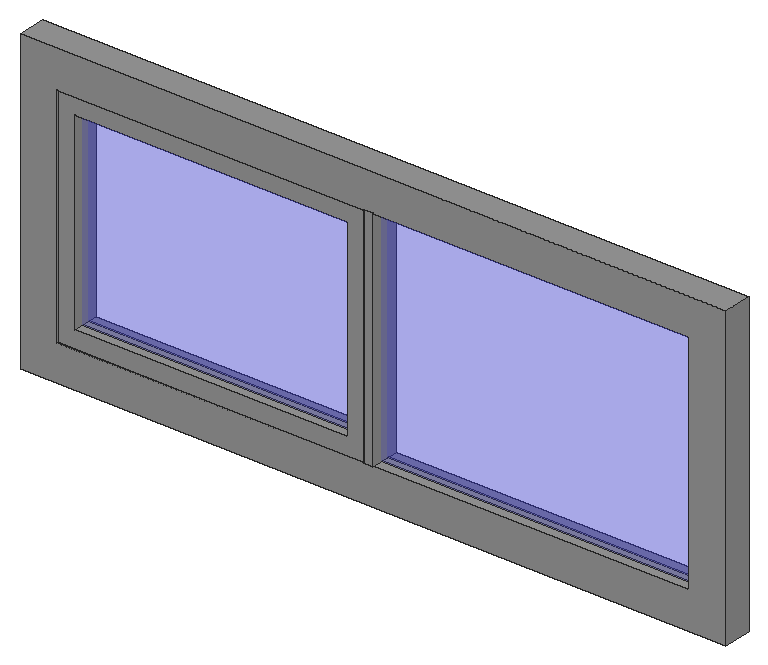
Revit family "Family63", category Windows, host Wall, Revit 2018
Family settings
  Host = Wall
  OmniClass Number = 23.30.20.00
  OmniClass Title = Windows
  Always vertical = Yes
  Cut with Voids When Loaded = No
  Shared = No
  Room Calculation Point = No
Parameters
  Window Frame = 84 mm
  Visual Light Transmittance = 0.81
  URL = "www.skywardwindows.co.za"
  Thermal Resistance (R) = 0.3196 (m²·K)/W
  Telephone = "021 276 1800"
  Solar Heat Gain Coefficient = 0.76
  Manufacturer = "Skyward Windows"
  Height = 890 mm
  Heat Transfer Coefficient (U) = 3.1292 W/(m²·K)
  Glass Thickness = 4 mm
  Glass = Glass
  Frame = White
  Email Address = "info@skywardwindows.co.za"
  Default Sill Height = 800 mm
  Wall Closure = By host
  Width = 2090 mm
  Company Address = "Charles Matthews Street Atlantis 7349"
  Analytic Construction = "Double glazing - domestic"
Reference planes
  plane 1 "Center (Front/Back)": y = 0
  plane 2 "Center (Left/Right)": x = 0
  plane 3 "Left": x = -1045
  plane 4 "Right": x = 1045
  plane 5 "Sill": z = 800
  plane 6 "Head": z = 1690
  plane 7 "Exterior": y = 100
  plane 8 "Interior": y = -100
Forms (mm)
  Extrusion 1, solid, material "White" <- "Frame"
    sketch origin (0, -100, 0) x (1, 0, 0) y (0, 0, 1)
      loop
        line (-1045, 1690) -> (-1045, 800) -> (1045, 800) -> (1045, 1690) -> (-1045, 1690)
      loop
        line (-936, 909) -> (936, 909) -> (936, 1581) -> (-936, 1581) -> (-936, 909)
    from -142 to -58
  Extrusion 2, solid, material "White" <- "Frame"
    sketch origin (0, -100, 0) x (1, 0, 0) y (0, 0, 1)
      loop
        line (-936, 1581) -> (-936, 909) -> (-27.495, 909) -> (-27.495, 1581) -> (-936, 1581)
      loop
        line (-886, 1531) -> (-886, 959) -> (-77.495, 959) -> (-77.495, 1531) -> (-886, 1531)
    from -140 to -60
  Extrusion 3, solid, material "White" <- "Frame"
    sketch origin (0, -100, 0) x (1, 0, 0) y (0, 0, 1)
      loop
        line (-27.495, 1581) -> (-27.495, 909) -> (0, 909) -> (0, 1581) -> (-27.495, 1581)
    from -142 to -58
  Extrusion 4, solid, material "Glass" <- "Glass"
    sketch origin (0, 0, 0) x (1, 0, 0) y (0, 1, 0)
      loop
        line (-886, 14) -> (-886, 10) -> (-77.495, 10) -> (-77.495, 14) -> (-886, 14)
      loop
        line (-886, -10) -> (-886, -14) -> (-77.495, -14) -> (-77.495, -10) -> (-886, -10)
    from 959 to 1531
  Extrusion 5, solid, material "Glass" <- "Glass"
    sketch origin (0, 0, 0) x (1, 0, 0) y (0, 1, 0)
      loop
        line (0, 14) -> (0, 10) -> (936, 10) -> (936, 14) -> (0, 14)
      loop
        line (936, -10) -> (0, -10) -> (0, -14) -> (936, -14) -> (936, -10)
    from 909 to 1581
Lines and regions (mm)
  Opening 1
    outline origin (3500, -100, 0) x (1, 0, 0) y (0, 0, 1)
      loop
        line (-2455, 800) -> (-2455, 1690) -> (-4545, 1690) -> (-4545, 800) -> (-2455, 800)
Text (mm)
  text "EXTERIOR" at (-1963.203, 1332.353, 0), in view "Ref. Level"
  text "INTERIOR" at (-1981.466, -818.386, 0), in view "Ref. Level"
  text "Exterior" at (0, 923.751, 2943.296), in view "Right"
  text "Exterior" at (0, 1040.484, 2685.409), in view "Left"
Dimensions and locks
  equal spacing: plane 3 "Left", plane 2 "Center (Left/Right)", plane 4 "Right"
  "Width": plane 3 "Left" to plane 4 "Right"
  "Height": plane 5 "Sill" to plane 6 "Head"
  "Default Sill Height": plane 5 "Sill" to level
  locked: plane 7 "Exterior" to host wall at 0
  locked: plane 8 "Interior" to host wall
  "Window Frame": Extrusion 1 to Extrusion 1
  "Glass Thickness": Extrusion 4 to Extrusion 4
  "Glass Thickness": Extrusion 5 to Extrusion 5
  aligned and locked: Extrusion 1 sketch curve to host wall  (x4)
  aligned and locked: Extrusion 4 to Extrusion 2  (x2)
Automatic sketch dimensions
  Opening 1 sketch curve to plane 3 "Left" = 0 mm
  Opening 1 sketch curve to plane 4 "Right" = 0 mm
  Opening 1 sketch curve to plane 5 "Sill" = 0 mm
  Opening 1 sketch curve to plane 6 "Head" = 0 mm
  Extrusion 1 sketch curve to plane 3 "Left" = 109 mm
  plane 4 "Right" to Extrusion 1 sketch curve = 109 mm
  Extrusion 1 sketch curve to plane 5 "Sill" = 109 mm
  plane 6 "Head" to Extrusion 1 sketch curve = 109 mm
  Extrusion 2 sketch curve to plane 3 "Left" = 109 mm
  Extrusion 2 sketch curve to Extrusion 2 sketch curve = 50 mm  (x3)
  plane 2 "Center (Left/Right)" to Extrusion 2 sketch curve = 77.495 mm
  plane 2 "Center (Left/Right)" to Extrusion 2 sketch curve = 27.495 mm
  Extrusion 2 sketch curve to plane 5 "Sill" = 109 mm
  plane 6 "Head" to Extrusion 2 sketch curve = 159 mm
  plane 2 "Center (Left/Right)" to Extrusion 3 sketch curve = 0 mm
  plane 2 "Center (Left/Right)" to Extrusion 3 sketch curve = 27.495 mm
  Extrusion 3 sketch curve to plane 5 "Sill" = 109 mm
  plane 6 "Head" to Extrusion 3 sketch curve = 109 mm
  Extrusion 4 sketch curve to host wall = 14 mm
  Extrusion 4 sketch curve to plane 3 "Left" = 159 mm
  Extrusion 4 sketch curve to Extrusion 4 sketch curve = 0 mm  (x2)
  host wall to Extrusion 4 sketch curve = 10 mm
  plane 2 "Center (Left/Right)" to Extrusion 4 sketch curve = 77.495 mm
  Extrusion 4 sketch curve to Extrusion 4 sketch curve = 4 mm  (x2)
  plane 2 "Center (Left/Right)" to Extrusion 5 sketch curve = 0 mm  (x2)
  Extrusion 5 sketch curve to host wall = 14 mm
  plane 4 "Right" to Extrusion 5 sketch curve = 109 mm
  Extrusion 5 sketch curve to Extrusion 5 sketch curve = 0 mm
  Extrusion 5 sketch curve to Extrusion 5 sketch curve = 4 mm  (x2)
  host wall to Extrusion 5 sketch curve = 10 mm
